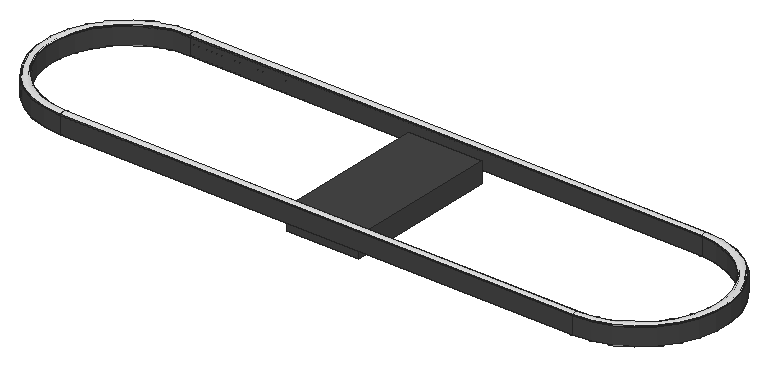
Revit family "AFX-Glo-Linear_Semi_Flush-1", category Lighting Fixtures, host Face, Revit 2020
Family settings
  Host = Face
  Round Connector Dimension = Use Diameter
  Part Type = Normal
  Cut with Voids When Loaded = No
  Light Source = Yes
  Shared = No
  Room Calculation Point = No
Parameters (values of type "GLOL4812L30D1BK")
  Wattage Comments = "40W"
  Wattage = 19 W
  built-in parameter 1150110 = 1 (stored number, unit not read)
  Voltage = 120 V
  URL = "https://www.afxinc.com/"
  Type Comments = "GLO"  # constant formula
  built-in parameter 1114217 = 1 (stored number, unit not read)
  Tilt Angle = 90.00°
  built-in parameter 1150109 = 1 (stored number, unit not read)
  built-in parameter 1150134 = (empty or 0)
  built-in parameter 1150113 = 1 (stored number, unit not read)
  Length = 47 1/4"
  Emit from Rectangle Width = 24"
  Emit from Rectangle Length = 48"
  Emit Shape Visible in Rendering = no
  Diffuser Finish = AFX - White Acrylic
  Revit Model Built By = "https://servex-us.com/servex-revit/"
  Product Documentation Link = "https://www.afxinc.com/products/productDetail.cfm?productID=1929"
  Photometric Web File = "GLOL4812L30D1xx_IES.IES"
  Model = "GLOL4812L30D1BK"
  Manufacturer = "AFX Inc"  # constant formula
  built-in parameter 1150105 = 445.78 (stored number, unit not read)
  Lumens = 2822.3 lm
  built-in parameter 1150115 = 1 (stored number, unit not read)
  built-in parameter 1150137 = (empty or 0)
  built-in parameter 1150139 = (empty or 0)
  built-in parameter 1150112 = 1 (stored number, unit not read)
  built-in parameter 1150114 = 1 (stored number, unit not read)
  Lamp = "LED"
  built-in parameter 1150132 = (empty or 0)
  built-in parameter 1150102 = (empty or 0)
  built-in parameter 1150107 = 3000 (stored number, unit not read)
  built-in parameter 1150138 = (empty or 0)
  built-in parameter 1150106 = 4.4578 (stored number, unit not read)
  Height = 1 1/4"
  built-in parameter 1150104 = 13.8 (stored number, unit not read)
  Dimming Lamp Color Temperature Shift = <None>
  Description = "LED Linear Semi-Flush - 47 1/4\"L x 11 3/4\"W x 2\"D"
  Depth = 11 3/4"
  Default Elevation = 48"
  Connector Finish = AFX - Aluminum Black
  Colour Rendering Index = "90 CRI"
  Color Rendering Index = 90
  Color Filter = 16777215
  Canopy Finish = AFX - Aluminum Black
  Cable Finish = AFX - Aluminum Black
  Body Finish = AFX - Aluminum Black
  built-in parameter 1114218 = 1 (stored number, unit not read)
  built-in parameter 1150133 = 10 (stored number, unit not read)
  Assembly Code = "D5020200"
  Apparent Load = 120 VA
Reference planes (in)
  plane 1 "Center (Front/Back)": y = 0
  plane 2: z = 0
  plane 3 "Center (Left/Right)": x = 0
  plane 4: z = 2.17
  plane 5: x = -23.625
  plane 6: x = 23.625
  plane 7: y = 5.875
  plane 8: y = -5.875
  plane 9: z = 0.75
  plane 10: z = 1.46
Forms (in)
  Sweep 1, solid, material "AFX - Aluminum Black" <- "Body Finish"
    path origin (-23.60649, -180, 8.17) x (1, 0, 0) y (0, -1, 0)
      loop
        line (5.85649, -185.875) -> (41.35649, -185.875)
        arc (41.35649, -185.875) -> (47.23149, -180) -> (41.35649, -174.125) r 5.875
        line (41.35649, -174.125) -> (5.85649, -174.125)
        arc (5.85649, -174.125) -> (-0.01851, -180) -> (5.85649, -185.875) r 5.875
    profile origin (0, 5.875, 8.17) x (0, 1, 0) y (0, 0, 1)
      loop
        line (0, -6.11621) -> (-0.09234, -6.11621) -> (-0.09234, -6.16372) -> (-0.03885, -6.16372) -> (-0.03885, -6.51207) -> (-0.09237, -6.51207) -> (-0.09237, -6.59124) -> (-0.47013, -6.59124) -> (-0.47013, -6.51207) -> (-0.52365, -6.51207) -> (-0.52365, -6.16372) -> (-0.47016, -6.16372) -> (-0.47016, -6.11621) -> (-0.5625, -6.11621) -> (-0.5625, -7.30379) -> (-0.47016, -7.30379) -> (-0.47016, -7.25628) -> (-0.52365, -7.25628) -> (-0.52365, -6.90793) -> (-0.47013, -6.90793) -> (-0.47013, -6.82876) -> (-0.09237, -6.82876) -> (-0.09237, -6.90793) -> (-0.03885, -6.90793) -> (-0.03885, -7.25628) -> (-0.09234, -7.25628) -> (-0.09234, -7.30379) -> (0, -7.30379) -> (0, -6.11621)
  Sweep 2, solid, material "AFX - White Acrylic" <- "Diffuser Finish"
    path origin (-23.60649, -180, 8.17) x (1, 0, 0) y (0, -1, 0)
      loop
        line (5.85649, -185.875) -> (41.35649, -185.875)
        arc (41.35649, -185.875) -> (47.23149, -180) -> (41.35649, -174.125) r 5.875
        line (41.35649, -174.125) -> (5.85649, -174.125)
        arc (5.85649, -174.125) -> (-0.01851, -180) -> (5.85649, -185.875) r 5.875
    profile origin (0, 5.875, 8.17) x (0, 1, 0) y (0, 0, 1)
      loop
        arc (-0.43891, -6.09174) -> (-0.28125, -6.06295) -> (-0.12359, -6.09174) r 0.44616
        line (-0.12359, -6.09174) -> (-0.12359, -6.17585) -> (-0.09234, -6.17585) -> (-0.09234, -6.10345) -> (-0.02235, -6.10345)
        arc (-0.02235, -6.10345) -> (-0.00589, -6.09083) -> (-0.01383, -6.07166) r 0.01704
        arc (-0.01383, -6.07166) -> (-0.27854, -6) -> (-0.54399, -6.06892) r 0.53496
        arc (-0.54399, -6.06892) -> (-0.55277, -6.08968) -> (-0.53492, -6.10345) r 0.01845
        line (-0.53492, -6.10345) -> (-0.47016, -6.10345) -> (-0.47016, -6.17585) -> (-0.43891, -6.17585) -> (-0.43891, -6.09174)
      loop
        line (-0.43891, -7.3291) -> (-0.43891, -7.24498) -> (-0.47016, -7.24498) -> (-0.47016, -7.31738) -> (-0.53492, -7.31738)
        arc (-0.53492, -7.31738) -> (-0.55277, -7.33115) -> (-0.54399, -7.35191) r 0.01845
        arc (-0.54399, -7.35191) -> (-0.27854, -7.42083) -> (-0.01383, -7.34917) r 0.53496
        arc (-0.01383, -7.34917) -> (-0.00589, -7.33001) -> (-0.02235, -7.31738) r 0.01704
        line (-0.02235, -7.31738) -> (-0.09234, -7.31738) -> (-0.09234, -7.24498) -> (-0.12359, -7.24498) -> (-0.12359, -7.3291)
        arc (-0.12359, -7.3291) -> (-0.28125, -7.35788) -> (-0.43891, -7.3291) r 0.44616
  Extrusion 3, solid, material "AFX - Aluminum Black" <- "Canopy Finish"
    sketch origin (-23.60649, -180, 36) x (1, 0, 0) y (0, 1, 0)
      loop
        line (21.10649, 185.3125) -> (21.10649, 174.6875) -> (26.10649, 174.6875) -> (26.10649, 185.3125) -> (21.10649, 185.3125)
    from -36 to -34.54
Lines and regions (in)
  symbolic lines
    curve 1: line (17.75, 5.875, 36) -> (-17.75, 5.875, 36)
    curve 2: arc (-17.75, -5.875, 36) -> (-23.625, 0, 36) -> (-17.75, 5.875, 36) r 5.875
    curve 3: line (-17.75, -5.875, 36) -> (17.75, -5.875, 36)
    curve 4: arc (17.75, 5.875, 36) -> (23.625, 0, 36) -> (17.75, -5.875, 36) r 5.875
    curve 5: arc (17.75, 5.3125, 36) -> (23.0625, 0, 36) -> (17.75, -5.3125, 36) r 5.3125
    curve 6: line (-17.75, 5.3125, 36) -> (17.75, 5.3125, 36)
    curve 7: line (17.75, -5.3125, 36) -> (-17.75, -5.3125, 36)
    curve 8: arc (-17.75, -5.3125, 36) -> (-23.0625, 0, 36) -> (-17.75, 5.3125, 36) r 5.3125
    curve 9: line (-2.5, 5.3125, 36) -> (-2.5, -5.3125, 36)
    curve 10: line (2.5, -5.3125, 36) -> (2.5, 5.3125, 36)
Dimensions and locks (in)
  equal spacing: plane 5, plane 3 "Center (Left/Right)", plane 6
  "Length": plane 5 to plane 6
  equal spacing: plane 7, plane 1 "Center (Front/Back)", plane 8
  "Depth": plane 7 to plane 8
  locked: plane 4 to plane 9 at 1.42
  equal spacing: plane 4, plane 10, plane 9, locked at 0.71 each
  locked: Extrusion 3 sketch curve to plane 3 "Center (Left/Right)" at 2.5
  locked: plane 3 "Center (Left/Right)" to Extrusion 3 sketch curve at 2.5
  locked: Extrusion 3 sketch curve to plane 8 at 0.5625
  locked: Extrusion 3 sketch curve to plane 7 at 0.5625
  plane 4 to plane 2 = 2.17"
  aligned and locked: plane 2 to host face
  aligned and locked: level to host face
  aligned and locked: Sweep 2 sketch curve to plane 7
  aligned and locked: plane 8 to Sweep 2 sketch curve
  aligned and locked: Extrusion 3 to plane 2
  aligned and locked: plane 10 to Extrusion 3
  aligned and locked: imposter light to plane 10
  aligned and locked: imposter light to plane 1 "Center (Front/Back)"
Automatic sketch dimensions
  host sketch curve to host sketch curve = 96"  (x2)
  Sweep 1 sketch curve to plane 7 = 0"
  Sweep 1 sketch curve to plane 8 = 0"
  Sweep 1 sketch curve to plane 5 = 5 7/8"
  plane 6 to Sweep 1 sketch curve = 5 7/8"
  profile plane to Sweep 1 sketch curve = 9/16"
  Sweep 1 sketch curve to Sweep 1 sketch curve = 0.03885"  (x3)
  Sweep 1 sketch curve to Sweep 1 sketch curve = 0.05348"  (x2)
  Sweep 1 sketch curve to Sweep 1 sketch curve = 0.05352"  (x4)
  Sweep 1 sketch curve to Sweep 1 sketch curve = 0.37776"
  Sweep 1 sketch curve to Sweep 1 sketch curve = 0"  (x2)
  Sweep 1 sketch curve to Sweep 1 sketch curve = 0.37782"
  Sweep 1 sketch curve to Sweep 1 sketch curve = 0.00003"
  Sweep 1 sketch curve to profile plane = 7.30379"
  Sweep 1 sketch curve to Sweep 1 sketch curve = 0.0475"  (x4)
  Sweep 1 sketch curve to Sweep 1 sketch curve = 0.34835"  (x4)
  Sweep 1 sketch curve to Sweep 1 sketch curve = 0.07917"  (x3)
  Sweep 1 sketch curve to Sweep 1 sketch curve = 0.23751"
  Sweep 2 sketch curve to plane 5 = 5 7/8"
  plane 6 to Sweep 2 sketch curve = 5 7/8"
  profile plane to Sweep 2 sketch curve = 0.53492"  (x2)
  Sweep 2 sketch curve to Sweep 2 sketch curve = 0.06476"  (x2)
  Sweep 2 sketch curve to Sweep 2 sketch curve = 1/32"  (x4)
  profile plane to Sweep 2 sketch curve = 0.28131"  (x2)
  Sweep 2 sketch curve to Sweep 2 sketch curve = 0.00006"  (x2)
  profile plane to Sweep 2 sketch curve = 0.12359"  (x2)
  profile plane to Sweep 2 sketch curve = 0.02235"  (x2)
  Sweep 2 sketch curve to profile plane = 7.33583"
  Sweep 2 sketch curve to Sweep 2 sketch curve = 0.00142"
  Sweep 2 sketch curve to Sweep 2 sketch curve = 0.00532"
  Sweep 2 sketch curve to Sweep 2 sketch curve = 3/256"  (x3)
  Sweep 2 sketch curve to Sweep 2 sketch curve = 0.0724"  (x4)
  Sweep 2 sketch curve to Sweep 2 sketch curve = 0.33326"  (x2)
  Sweep 2 sketch curve to Sweep 2 sketch curve = 0.02584"  (x2)
  Sweep 2 sketch curve to Sweep 2 sketch curve = 0.35093"
  Sweep 2 sketch curve to Sweep 2 sketch curve = 0"  (x3)
  Sweep 2 sketch curve to Sweep 2 sketch curve = 0.01704"
  Sweep 2 sketch curve to Sweep 2 sketch curve = 0.01845"
  curve 1 to plane 7 = 0"
  plane 1 "Center (Front/Back)" to curve 2 = 0"
  curve 1 to plane 5 = 5 7/8"
  plane 6 to curve 3 = 5 7/8"
  curve 4 to curve 5 = 0"  (x2)
  plane 7 to curve 6 = 9/16"
  curve 7 to curve 2 = 0"
  plane 3 "Center (Left/Right)" to curve 9 = 2 1/2"
  curve 10 to plane 3 "Center (Left/Right)" = 2 1/2"
Connectors (in)
  electrical at (0, 0, 0), driven by "Voltage", driven by "Apparent Load"
    settings: on Extrusion 3, index 1, voltage 120 V, apparent load 0 VA, apparent load phase1 120 VA, apparent load phase2 0 VA, apparent load phase3 0 VA, power factor 1, load classification "Lighting", number of poles 1, system type 31, power factor state 1, is connector primary yes, connector utility no, sub classification motor no, connector description ""
